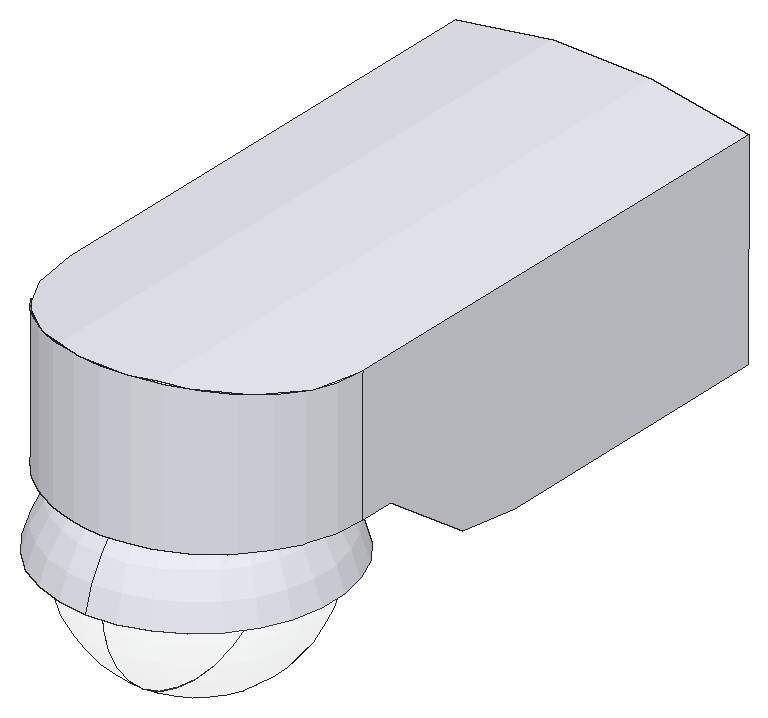
Revit family "LC + 280 types Sans hôte", category Dispositifs d'éclairage, Revit 2019
Family settings
  Conserver l'orientation des annotations = Non
  Cote de connecteur circulaire = Utiliser le diamètre
  Type d'élément = Normal
  Basée sur le plan de construction = Non
  Toujours verticalement = Oui
  Couper avec des vides une fois chargée = Non
  Partagée = Non
  Point de calcul de pièce = Non
Parameters (values of type "03- LC + 280 DALISYS réf 93308")
  Zone de détection [instance] = no
  URL = "http://www.luxomat.com"
  Type de Sortie = "DALI Adressable"
  Température ambiante = "-25°C à + 50°C"
  Référence = "93308"
  Relais = "0"
  Position en hauteur = Elévation par défaut  # 250 cm
  Portée frontale [instance] = 600 cm  # constant formula
  Portée de biais [instance] = 1600 cm  # constant formula
  Modèle = "LC + 280 DALISYS"
  Mode de pose = "Mural"
  Marque = "LUXOMAT"
  Image du type = MURAL.JPG
  IP = "44"
  Hauteur de montage max préconisée [instance] = Hauteur de montage max  # 300 cm
  Hauteur de montage max = 300 cm
  Fabricant = "B.E.G."
  Etiquette [instance] = yes
  Elévation par défaut = 250 cm
  Consommation = "7 mA"
  Commentaires du type = "MULTI.CAPTEUR.MOUV.DALISYS.280°/16M MURAL"
  Code d'assemblage = "D5010200"
  Classe = "II"
  Charge LED = "0"
  Charge Cos ɸ =1 = "0"
  Charge Cos ɸ =0.5 = "0"
  Alimentation = "10 à 22 V DC par BUS DALI"
Types (3, lengths in cm): name | Type de Sortie | Référence | Relais | Modèle | Consommation | Commentaires du type | Charge LED | Charge Cos ɸ =1 | Charge Cos ɸ =0.5 | Alimentation
  01- LC + 280 Générique | "" | "" | "" | "LC + 280" | "" | "DET.MOUV.280°/16M MURAL" | "" | "" | "" | "110-240 V AC"
  02- LC + 280 réf 91008 | "TOR" | "91008" | "8.7 A" | "LC + 280" | "0.24 W" | "DET.MOUV.1 CONTACT.280°/16M MURAL" | "250 W" | "2000 W" | "1000 VA" | "110-240 V AC"
  03- LC + 280 DALISYS réf 93308 | "DALI Adressable" | "93308" | "0" | "LC + 280 DALISYS" | "7 mA" | "MULTI.CAPTEUR.MOUV.DALISYS.280°/16M MURAL" | "0" | "0" | "0" | "10 à 22 V DC par BUS DALI"
Reference planes (cm)
  plane 1 "Centre (avant/arrière)": y = 0
  plane 2: z = 0
  plane 3 "Centre (gauche/droite)": x = 0
Dimensions and locks (cm)
  aligned and locked: level to plane 2
  aligned and locked: nested 4 to plane 3 "Centre (gauche/droite)"
  aligned and locked: nested 4 to plane 1 "Centre (avant/arrière)"
Nested families (cm)
  nested 1: "Symbole Mural 2D" at (0, 0, 0) x (-1, 0, 0) z (0, 0, 1), type "Symbole Mural 2D"
  nested 2: "Famille1" at (0, 1.2478, 0), modele <- "Modèle", référence <- "Référence", visible <- "Etiquette", type "Famille1"
    with référence "93308", modele "LC + 280 DALISYS"
  nested 3: "M LC Plus" at (0, 0, 0), type "M LC Plus"
  nested 4: "zone D" at (0, 0, 0), visible <- "Zone de détection", type "zone D"
    with frontale 600 cm, biais 2000 cm
Connectors (cm)
  electrical at (0, 0, 0)
    settings: index 1, voltage 230 V, apparent load 0 VA, apparent load phase1 0 VA, apparent load phase2 0 VA, apparent load phase3 0 VA, power factor 1, load classification "Eclairage", number of poles 1, system type 31, power factor state 1, is connector primary yes, connector utility no, sub classification motor no, connector description ""
Definition of nested family "M LC Plus"
  Reference planes (cm)
    plane 1 "Centre (avant/arrière)": y = 0
    plane 2: z = 0
    plane 3 "Centre (gauche/droite)": x = 0
  Forms (cm)
    Extrusion 1, solid
      sketch origin (0, 0, 0) x (1, 0, 0) y (0, 0, 1)
        loop
          line (-3.4, 2.4) -> (-3.4, -2.4)
          arc (-3.4, -2.4) -> (0, -3.18) -> (3.4, -2.4) r 7.8
          line (3.4, -2.4) -> (3.4, 2.4)
          arc (3.4, 2.4) -> (0, 2.8222) -> (-3.4, 2.4) r 13.9
      from 0 to 15
    Extrusion 2, void
      sketch origin (0, 0, 0) x (0, 1, 0) y (0, 0, 1)
        loop
          line (-10.39, -0.71) -> (-15.73, -0.71) -> (-15.73, -4.68) -> (0, -4.68) -> (0, -3.18) -> (-6.8, -2.4) -> (-8.3, -2.21) -> (-10.39, -0.71)
      from -3.4 to 3.4
    Revolve 3, solid
      sketch origin (0, 0, 0) x (0, 1, 0) y (0, 0, 1)
        loop
          line (-11.8, -0.71) -> (-14.2, -0.71)
          arc (-14.2, -0.71) -> (-14.7014, -1.4059) -> (-15, -2.21) r 3.2
          line (-15, -2.21) -> (-11.8, -2.21) -> (-11.8, -0.71)
        axis (-11.8, -0.71) -> (-11.8, -2.21)
      angle from 0 to 360
    Extrusion 4, void
      sketch origin (0, 0, 0) x (1, 0, 0) y (0, 1, 0)
        loop
          arc (3.4, -11.2) -> (0, -14.6) -> (-3.4, -11.2) r 3.4
          line (-3.4, -11.2) -> (-5.4373, -11.2) -> (-5.4373, -17.2) -> (5.5627, -17.2) -> (5.5627, -11.2) -> (3.4, -11.2)
      from -0.71 to 3.3028
    Revolve 5, solid
      sketch origin (0, 0, 0) x (0, 1, 0) y (0, 0, 1)
        loop
          line (-11.8, -2.21) -> (-14.55, -2.21)
          arc (-14.55, -2.21) -> (-13.7445, -4.1546) -> (-11.8, -4.96) r 2.75
          line (-11.8, -4.96) -> (-11.8, -2.21)
        axis (-11.8, -2.21) -> (-11.8, -4.96)
      angle from 0 to 360
  Cuts and joins
    Extrusion 2, Extrusion 4 cuts Extrusion 1
    Extrusion 4 cuts Revolve 3
    joined: Extrusion 1, Revolve 3
  Dimensions and locks (cm)
    aligned and locked: level to plane 2
Definition of nested family "Symbole Mural 2D"
  Reference planes (cm)
    plane 1: y = 0
    plane 2: x = 0
  Lines and regions (cm)
    Filled region 1, type "rouge"
      outline origin (0, 0, 0) x (1, 0, 0) y (0, 1, 0)
        loop
          circle (0, 0) r 0.0294
    detail lines
      curve 1: arc (-0.0294, 0, 0) -> (0, -0.0294, 0) -> (0.0294, 0, 0) r 0.0294
      curve 2: arc (0.0294, 0, 0) -> (0, 0.0294, 0) -> (-0.0294, 0, 0) r 0.0294
      curve 3: arc (0.102, 0.1767, 0) -> (0, 0.204, 0) -> (-0.102, 0.1767, 0) r 0.204
      curve 4: arc (0.081, 0.1403, 0) -> (0, 0.162, 0) -> (-0.081, 0.1403, 0) r 0.162
      curve 5: arc (0.06, 0.1039, 0) -> (0, 0.12, 0) -> (-0.06, 0.1039, 0) r 0.12
Definition of nested family "Famille1"
  Parameters (values of type "Famille1")
    référence [instance] = ""
    modele [instance] = ""
  Reference planes (cm)
    plane 1: y = 0
    plane 2: x = 0
  Text (cm)
    label "référence\nmodele" at (0.0074, -0.6424, 0), shows "référence", "modele"
Definition of nested family "zone D"
  Parameters (values of type "zone D")
    frontale [instance] = 600 cm
    biais [instance] = 1000 cm
  Reference planes (cm)
    plane 1 "Centre (avant/arrière)": y = 0
    plane 2: z = 0
    plane 3 "Centre (gauche/droite)": x = 0
    plane 4: y = 600
    plane 5: y = 200
    plane 6: y = 1600
    plane 7: x = -1000
    plane 8: x = 1000
    plane 9: through (0, 0, 400) normal (0.766, -0.6428, 0)
    plane 10: through (0, 0, 400) normal (0.766, 0.6428, 0)
  Lines and regions (cm)
    detail lines, in view "Niveau de réf."
      curve 1: spline (-801.9797, -955.7621, 0) -> (-963.3172, -429.3849, 0) -> (-995.3183, 154.6423, 0) -> (-893.6866, 717.9069, 0) -> (-672.0672, 1184.7843, 0) -> (-360.2151, 1492.5908, 0) -> (0, 1600, 0) -> (360.2151, 1492.5908, 0) -> (672.0672, 1184.7843, 0) -> (893.6866, 717.9069, 0) -> (995.3183, 154.6423, 0) -> (963.3172, -429.3849, 0) -> (801.9797, -955.7621, 0)
      curve 2: arc (385.6726, -459.6267, 0) -> (0, 600, 0) -> (-385.6726, -459.6267, 0) r 600
      curve 3: line (0, 0, 0) -> (-801.9797, -955.7621, 0)
      curve 4: line (0, 0, 0) -> (801.9797, -955.7621, 0)
      curve 5: line (0, 440.875, 0) -> (0, 357.93, 0)
      curve 6: line (0, 357.93, 0) -> (22.1638, 386.2984, 0)
      curve 7: line (0, 357.93, 0) -> (-22.1638, 386.2984, 0)
      curve 11: line (-768.7631, 386.6151, 0) -> (-685.818, 386.6151, 0)
      curve 12: line (-685.818, 386.6151, 0) -> (-714.1864, 408.7789, 0)
      curve 13: line (-685.818, 386.6151, 0) -> (-714.1864, 364.4513, 0)
    detail lines, in view "Niveau de réf.", not visible
      curve 8: line (1028.0656, -276.777, 0) -> (1028.0656, -193.8319, 0)
      curve 9: line (1028.0656, -193.8319, 0) -> (1005.9018, -222.2003, 0)
      curve 10: line (1028.0656, -193.8319, 0) -> (1050.2294, -222.2003, 0)
      curve 14: line (627.9563, -64.2769, 0) -> (628.0656, 18.6681, 0)
      curve 15: line (628.0656, 18.6681, 0) -> (605.8644, -9.6711, 0)
      curve 16: line (628.0656, 18.6681, 0) -> (650.192, -9.7295, 0)
